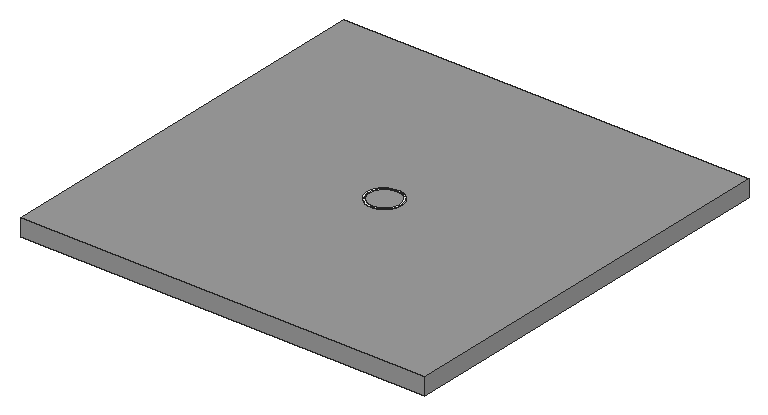
Revit family "Plumbing Fixture-FloorDrain_Mifab_C1470", category Plumbing Fixtures, host Face, Revit 2013
Parameters
  WFU = 0
  URL = "WWW.MIFAB.COM"
  Strainer Radius = Stainer Diameter / 2  # 4.0775"
  Stainer Diameter = 8.15499"
  Pipe Size = 6.299"
  Pipe Radius = Pipe Size / 2  # 3.1495"
  Model = "C1470"
  Manufacturer = "MIFAB"
  Floor Drain Material = Paint - Sherwin Williams Paint - #952C2A - Bellwood Red
  Description = "CAST IRON STACK CLEANOUT WITH TEST PLUG"
  Default Elevation = 0.000"
Reference planes (in)
  plane 1 "Center (Front/Back)": y = 0
  plane 2: z = 0
  plane 3 "Center (Left/Right)": x = 0
  plane 4: x = 4.0775
  plane 5: x = -4.0775
  plane 6: x = -3.14972
  plane 7: x = 3.14928
Forms (in)
  Extrusion 1, solid, material "Default"
    sketch origin (0, 0, 0) x (1, 0, 0) y (0, 1, 0)
      loop
        line (-48, 48) -> (-48, -48) -> (48, -48) -> (48, 48) -> (-48, 48)
    from 0 to -4
  Revolve 2, solid, material "Paint - Sherwin Williams Paint - #952C2A - Bellwood Red" <- "Floor Drain Material"
    sketch origin (0, 0, 0) x (1, 0, 0) y (0, 0, 1)
      loop
        line (-3.14972, -17) -> (-2.9135, -17) -> (-2.9135, -10.88279)
        arc (-2.9135, -10.88279) -> (-3.7638, -8.5) -> (-2.9135, -6.11721) r 3.7638
        line (-2.9135, -6.11721) -> (-2.9135, -5.21705) -> (-2.77164, -5.21705) -> (-2.82661, -5.18055) -> (-2.76735, -5.14847) -> (-2.82215, -5.10926) -> (-2.76289, -5.07718) -> (-2.81769, -5.03797) -> (-2.75843, -5.00589) -> (-2.81323, -4.96668) -> (-2.75397, -4.9346) -> (-2.80877, -4.89539) -> (-2.74951, -4.86331) -> (-2.80431, -4.8241) -> (-2.74505, -4.79202) -> (-2.80202, -4.75125) -> (-2.74059, -4.72073) -> (-2.79539, -4.68151) -> (-2.73613, -4.64944) -> (-2.79093, -4.61022) -> (-2.73167, -4.57814) -> (-2.78647, -4.53893) -> (-2.72721, -4.50685) -> (-2.78201, -4.46764) -> (-2.72275, -4.43556) -> (-2.77508, -4.39799) -> (-2.9135, -4.39799) -> (-2.9135, -3.2628) -> (-3.408, -3.2628)
        arc (-3.408, -3.2628) -> (-3.5473, -3.2051) -> (-3.605, -3.0658) r 0.197
        line (-3.605, -3.0658) -> (-3.605, -0.591) -> (-3.762, -0.591) -> (-3.762, -0.158) -> (-3.605, -0.158) -> (-3.605, 0) -> (-4.0775, 0) -> (-4.0775, -0.867) -> (-3.8805, -0.867) -> (-3.8805, -3.302)
        arc (-3.8805, -3.302) -> (-3.8228, -3.4413) -> (-3.6835, -3.499) r 0.197
        line (-3.6835, -3.499) -> (-3.14972, -3.499) -> (-3.14972, -6.03439)
        arc (-3.14972, -6.03439) -> (-4, -8.5) -> (-3.14972, -10.96561) r 4
        line (-3.14972, -10.96561) -> (-3.14972, -17)
      axis (0, 0) -> (0, -17)
    angle from 0 to 360
  Revolve 3, void
    sketch origin (0, 0, 0) x (1, 0, 0) y (0, 0, 1)
      loop
        line (3.995, -5.23802) -> (3.9585, -5.18305) -> (3.92642, -5.24231) -> (3.88721, -5.18751) -> (3.85513, -5.24677) -> (3.81592, -5.19197) -> (3.78384, -5.25124) -> (3.74463, -5.19643) -> (3.71255, -5.2557) -> (3.67333, -5.20089) -> (3.64126, -5.26016) -> (3.60204, -5.20535) -> (3.56997, -5.26462) -> (3.5292, -5.20764) -> (3.49867, -5.26908) -> (3.45946, -5.21427) -> (3.42738, -5.27354) -> (3.38817, -5.21873) -> (3.35609, -5.278) -> (3.31688, -5.22319) -> (3.2848, -5.28246) -> (3.24559, -5.22765) -> (3.21351, -5.28692) -> (3.1743, -5.23211) -> (3.14222, -5.29138) -> (3.10145, -5.2344) -> (3.06972, -5.29828) -> (3.03021, -5.23877) -> (2.99842, -5.30274) -> (2.95892, -5.24323) -> (2.93734, -5.28666) -> (0, -5.28666) -> (0, -8.5) -> (4.44922, -8.5) -> (4.44922, -5.23802) -> (3.995, -5.23802)
      axis (0, -8.5) -> (4.44922, -8.5)
    angle from 0 to 360
  Revolve 4, solid, material "Paint - Sherwin Williams Paint - #952C2A - Bellwood Red" <- "Floor Drain Material"
    sketch origin (0, 0, 0) x (1, 0, 0) y (0, 0, 1)
      loop
        line (3.91579, -4.80978) -> (0, -4.80978) -> (0, -5.28666) -> (2.93734, -5.28666) -> (2.95892, -5.24323) -> (2.99842, -5.30274) -> (3.03021, -5.23877) -> (3.06972, -5.29828) -> (3.10145, -5.2344) -> (3.14222, -5.29138) -> (3.1743, -5.23211) -> (3.21351, -5.28692) -> (3.24559, -5.22765) -> (3.2848, -5.28246) -> (3.31688, -5.22319) -> (3.35609, -5.278) -> (3.38817, -5.21873) -> (3.42738, -5.27354) -> (3.45946, -5.21427) -> (3.49867, -5.26908) -> (3.5292, -5.20764) -> (3.56997, -5.26462) -> (3.60204, -5.20535) -> (3.64126, -5.26016) -> (3.67333, -5.20089) -> (3.71255, -5.2557) -> (3.74463, -5.19643) -> (3.78384, -5.25124) -> (3.81592, -5.19197) -> (3.85513, -5.24677) -> (3.88721, -5.18751) -> (3.92642, -5.24231) -> (3.9585, -5.18305) -> (3.995, -5.23802) -> (3.91579, -4.80978)
      axis (3.995, -8.5) -> (0, -8.5)
    angle from 0 to 360
  Revolve 5, void
    sketch origin (0, 0, 0) x (1, 0, 0) y (0, 0, 1)
      loop
        line (-2.9135, -17) -> (0, -17) -> (0, 0) -> (-3.605, 0) -> (-3.605, -0.158) -> (-3.762, -0.158) -> (-3.762, -0.591) -> (-3.605, -0.591) -> (-3.605, -3.0658)
        arc (-3.605, -3.0658) -> (-3.5473, -3.2051) -> (-3.408, -3.2628) r 0.197
        line (-3.408, -3.2628) -> (-2.9135, -3.2628) -> (-2.9135, -4.39799) -> (-2.77508, -4.39799) -> (-2.72275, -4.43556) -> (-2.78201, -4.46764) -> (-2.72721, -4.50685) -> (-2.78647, -4.53893) -> (-2.73167, -4.57814) -> (-2.79093, -4.61022) -> (-2.73613, -4.64944) -> (-2.79539, -4.68151) -> (-2.74059, -4.72073) -> (-2.80202, -4.75125) -> (-2.74505, -4.79202) -> (-2.80431, -4.8241) -> (-2.74951, -4.86331) -> (-2.80877, -4.89539) -> (-2.75397, -4.9346) -> (-2.81323, -4.96668) -> (-2.75843, -5.00589) -> (-2.81769, -5.03797) -> (-2.76289, -5.07718) -> (-2.82215, -5.10926) -> (-2.76735, -5.14847) -> (-2.82661, -5.18055) -> (-2.77164, -5.21705) -> (-2.9135, -5.21705) -> (-2.9135, -6.11721)
        arc (-2.9135, -6.11721) -> (-3.7638, -8.5) -> (-2.9135, -10.88279) r 3.7638
        line (-2.9135, -10.88279) -> (-2.9135, -17)
      axis (0, 0) -> (0, -17)
    angle from 0 to 360
  Revolve 6, solid, material "Paint - Sherwin Williams Paint - #952C2A - Bellwood Red" <- "Floor Drain Material"
    sketch origin (0, 0, 0) x (1, 0, 0) y (0, 0, 1)
      loop
        line (3.53058, -5.34417) -> (3.90459, -5.34417) -> (3.90459, -8.5) -> (4.00302, -8.5) -> (4.00302, -5.28511) -> (3.98975, -5.23562) -> (3.9582, -5.18809) -> (3.92612, -5.24735) -> (3.88691, -5.19255) -> (3.85483, -5.25181) -> (3.81562, -5.19701) -> (3.78354, -5.25627) -> (3.74433, -5.20147) -> (3.71225, -5.26073) -> (3.67304, -5.20593) -> (3.64096, -5.26519) -> (3.60174, -5.21039) -> (3.56967, -5.26965) -> (3.53058, -5.3031) -> (3.53058, -5.34417)
      axis (4.00302, -8.5) -> (3.53058, -8.5)
    angle from 0 to 360
  Extrusion 7, solid, material "Paint - Sherwin Williams Paint - #952C2A - Bellwood Red" <- "Floor Drain Material"
    sketch origin (4.00302, 0, -8.5) x (0, 1, 0) y (0, 0, 1)
      loop
        line (-0.69, 0.69) -> (-0.69, -0.69) -> (0.69, -0.69) -> (0.69, 0.69) -> (-0.69, 0.69)
    from 0 to -0.47
  Extrusion 8, void
    sketch origin (4.00302, 0, -8.5) x (0, 1, 0) y (0, 0, 1)
      loop
        line (-0.59, 0.59) -> (-0.59, -0.59) -> (0.59, -0.59) -> (0.59, 0.59) -> (-0.59, 0.59)
    from 0 to -0.37
  Revolve 9, solid, material "Paint - Sherwin Williams Paint - #952C2A - Bellwood Red" <- "Floor Drain Material"
    sketch origin (0, 0, 0) x (1, 0, 0) y (0, 0, 1)
      loop
        arc (3.32644, -8.23032) -> (3.13575, -8.3093) -> (3.05676, -8.5) r 0.26968
        line (3.05676, -8.5) -> (3.5292, -8.5) -> (3.5292, -8.17126)
        arc (3.5292, -8.17126) -> (3.5119, -8.21302) -> (3.47014, -8.23032) r 0.05906
        line (3.47014, -8.23032) -> (3.32644, -8.23032)
      axis (3.05676, -8.5) -> (3.5292, -8.5)
    angle from 0 to 360
  Extrusion 10, solid, material "Paint - Sherwin Williams Paint - #952C2A - Bellwood Red" <- "Floor Drain Material"
    sketch origin (4.00302, 0, -8.5) x (0, 1, 0) y (0, 0, 1)
      loop
        line (-0.815, 5.001) -> (-0.815, 3.49411) -> (0.815, 3.49411) -> (0.815, 5.001) -> (-0.815, 5.001)
    from -0.53 to -1.09
  Revolve 11, void
    sketch origin (0, 0, 0) x (1, 0, 0) y (0, 0, 1)
      loop
        line (2.9118, -3.60201) -> (2.9118, -4) -> (3.47302, -4) -> (3.47302, -3.55418) -> (3.44017, -3.61498) -> (3.40245, -3.56227) -> (3.3716, -3.61927) -> (3.33083, -3.5623) -> (3.30031, -3.62373) -> (3.25954, -3.56676) -> (3.22902, -3.62819) -> (3.18825, -3.57122) -> (3.15773, -3.63265) -> (3.11696, -3.57568) -> (3.08643, -3.63711) -> (3.04722, -3.58231) -> (3.01514, -3.64157) -> (2.97438, -3.5846) -> (2.94264, -3.64847) -> (2.9118, -3.60201)
      axis (2.9118, -4) -> (3.47302, -4)
    angle from 0 to 360
  Revolve 12, solid, material "Paint - Sherwin Williams Paint - #952C2A - Bellwood Red" <- "Floor Drain Material"
    sketch origin (0, 0, 0) x (1, 0, 0) y (0, 0, 1)
      loop
        line (3.47302, -3.59551) -> (3.44104, -3.6184) -> (3.40332, -3.56568) -> (3.37247, -3.62269) -> (3.3317, -3.56571) -> (3.30118, -3.62715) -> (3.26041, -3.57017) -> (3.22988, -3.63161) -> (3.18912, -3.57463) -> (3.15859, -3.63607) -> (3.11782, -3.57909) -> (3.0873, -3.64053) -> (3.04809, -3.58572) -> (3.01601, -3.64499) -> (2.97524, -3.58801) -> (2.94455, -3.64979) -> (2.91283, -3.60201) -> (2.91283, -4) -> (3.17302, -4) -> (3.17302, -3.8) -> (3.47302, -3.8) -> (3.47302, -3.59551)
      axis (2.91283, -4) -> (3.47302, -4)
    angle from 0 to 360
Cuts and joins
  Revolve 3 cuts Revolve 2
  Revolve 5 cuts Revolve 4
  joined: Revolve 2, Revolve 4
  Extrusion 8 cuts Revolve 6
  Extrusion 8 cuts Extrusion 7
  joined: Revolve 6, Extrusion 7
  Revolve 11 cuts Extrusion 10
Lines and regions (in)
  symbolic lines
    curve 1: circle (0, 0, 0) r 4.0775 normal (0, 0, 1)
Dimensions and locks (in)
  locked: Extrusion 7 sketch curve to Extrusion 7 sketch curve at 1.38  (x2)
  equal spacing: Extrusion 7 sketch curve, plane 1 "Center (Front/Back)", Extrusion 7 sketch curve
  Extrusion 1 to Extrusion 7 sketch curve = 9.190"
  locked: Extrusion 8 sketch curve to Extrusion 8 sketch curve at 1.18  (x2)
  equal spacing: Extrusion 8 sketch curve, plane 1 "Center (Front/Back)", Extrusion 8 sketch curve
  Extrusion 1 to Extrusion 8 sketch curve = 9.090"
  locked: Extrusion 10 sketch curve to Extrusion 10 sketch curve at 1.63
  equal spacing: Extrusion 10 sketch curve, plane 1 "Center (Front/Back)", Extrusion 10 sketch curve
  "Stainer Diameter": plane 4 to plane 5
  equal spacing: plane 4, plane 3 "Center (Left/Right)", plane 5
  "Pipe Size": plane 6 to plane 7
  plane 6 to plane 3 "Center (Left/Right)" to plane 7 = 3.14972", 3.14928"
  "Strainer Radius": radius of curve 1
  aligned and locked: plane 2 to Extrusion 1
  aligned and locked: level to Extrusion 1
  aligned and locked: plane 1 "Center (Front/Back)" to curve 1
  aligned and locked: plane 3 "Center (Left/Right)" to curve 1
  aligned and locked: Revolve 2 sketch curve to plane 3 "Center (Left/Right)"
  aligned and locked: Revolve 3 sketch curve to Revolve 3 sketch curve
  aligned and locked: plane 3 "Center (Left/Right)" to Revolve 4 sketch curve
  aligned and locked: Revolve 5 sketch curve to Revolve 5 sketch curve
  aligned and locked: Revolve 11 sketch curve to Revolve 11 sketch curve
  aligned and locked: plane 4 to cut or joined group of Revolve 2, Revolve 3, Revolve 4, Revolve 5
  aligned and locked: plane 5 to cut or joined group of Revolve 2, Revolve 3, Revolve 4, Revolve 5
  aligned and locked: plane 6 to cut or joined group of Revolve 2, Revolve 3, Revolve 4, Revolve 5
  aligned and locked: Revolve 2 sketch curve to plane 6
Automatic sketch dimensions
  Extrusion 1 sketch curve to Extrusion 1 sketch curve = 96.000"  (x2)
  Revolve 3 sketch curve to plane 3 "Center (Left/Right)" = 0.000"  (x2)
  plane 3 "Center (Left/Right)" to Revolve 3 sketch curve = 2.93734"
  Revolve 3 sketch curve to Revolve 3 sketch curve = 0.02158"
  Revolve 3 sketch curve to Revolve 3 sketch curve = 0.06109"
  Revolve 3 sketch curve to Revolve 3 sketch curve = 0.07129"
  Revolve 3 sketch curve to Revolve 3 sketch curve = 0.03951"
  Revolve 3 sketch curve to Revolve 3 sketch curve = 0.03173"
  Revolve 3 sketch curve to Revolve 3 sketch curve = 0.04077"  (x2)
  Revolve 3 sketch curve to Revolve 3 sketch curve = 0.03208"  (x11)
  Revolve 3 sketch curve to Revolve 3 sketch curve = 0.03921"  (x10)
  Revolve 3 sketch curve to Revolve 3 sketch curve = 0.03052"
  Revolve 3 sketch curve to Revolve 3 sketch curve = 0.0365"
  Revolve 3 sketch curve to Revolve 3 sketch curve = 0.45422"
  Revolve 3 sketch curve to Revolve 3 sketch curve = 1.21236"
  Revolve 3 sketch curve to Revolve 3 sketch curve = 0.00446"  (x12)
  Revolve 3 sketch curve to Revolve 3 sketch curve = 0.0069"
  Revolve 3 sketch curve to Revolve 3 sketch curve = 0.01608"
  Revolve 3 sketch curve to Revolve 3 sketch curve = 0.04343"
  Revolve 3 sketch curve to Revolve 3 sketch curve = 0.05951"
  Revolve 3 sketch curve to Revolve 3 sketch curve = 0.00429"
  Revolve 3 sketch curve to Revolve 3 sketch curve = 0.05697"
  Revolve 3 sketch curve to Revolve 3 sketch curve = 0.0548"  (x8)
  Revolve 3 sketch curve to Revolve 3 sketch curve = 0.05926"  (x2)
  Revolve 3 sketch curve to Revolve 3 sketch curve = 0.06143"
  Revolve 3 sketch curve to Revolve 3 sketch curve = 0.05497"
  plane 3 "Center (Left/Right)" to Revolve 4 sketch curve = 2.93734"
  Revolve 4 sketch curve to plane 3 "Center (Left/Right)" = 0.000"
  Revolve 4 sketch curve to Revolve 4 sketch curve = 0.02158"
  Revolve 4 sketch curve to Revolve 4 sketch curve = 0.06109"
  Revolve 4 sketch curve to Revolve 4 sketch curve = 0.07129"
  Revolve 4 sketch curve to Revolve 4 sketch curve = 0.03951"
  Revolve 4 sketch curve to Revolve 4 sketch curve = 0.03173"
  Revolve 4 sketch curve to Revolve 4 sketch curve = 0.04077"  (x2)
  Revolve 4 sketch curve to Revolve 4 sketch curve = 0.03208"  (x11)
  Revolve 4 sketch curve to Revolve 4 sketch curve = 0.03921"  (x10)
  Revolve 4 sketch curve to Revolve 4 sketch curve = 0.03052"
  Revolve 4 sketch curve to Revolve 4 sketch curve = 0.02858"
  Revolve 4 sketch curve to Revolve 4 sketch curve = 0.0365"
  plane 3 "Center (Left/Right)" to Revolve 4 sketch curve = 2.38211"
  Revolve 4 sketch curve to Revolve 4 sketch curve = 0.00446"  (x12)
  Revolve 4 sketch curve to Revolve 4 sketch curve = 0.0069"
  Revolve 4 sketch curve to Revolve 4 sketch curve = 0.01608"
  Revolve 4 sketch curve to Revolve 4 sketch curve = 0.04343"
  Revolve 4 sketch curve to Revolve 4 sketch curve = 0.05951"
  Revolve 4 sketch curve to Revolve 4 sketch curve = 0.00429"
  Revolve 4 sketch curve to Revolve 4 sketch curve = 0.05697"
  Revolve 4 sketch curve to Revolve 4 sketch curve = 0.0548"  (x8)
  Revolve 4 sketch curve to Revolve 4 sketch curve = 0.05926"  (x2)
  Revolve 4 sketch curve to Revolve 4 sketch curve = 0.06143"
  Revolve 4 sketch curve to Revolve 4 sketch curve = 0.05497"
  Revolve 4 sketch curve to Revolve 4 sketch curve = 0.47688"
  Revolve 4 sketch curve to Revolve 4 sketch curve = 3.21334"
  Revolve 5 sketch curve to plane 3 "Center (Left/Right)" = 0.000"  (x2)
  Revolve 5 sketch curve to level = 0.000"  (x2)
  Revolve 5 sketch curve to plane 3 "Center (Left/Right)" = 2.72275"
  Revolve 5 sketch curve to Revolve 5 sketch curve = 0.00446"  (x10)
  Revolve 5 sketch curve to Revolve 5 sketch curve = 0.00429"
  Revolve 5 sketch curve to Revolve 5 sketch curve = 0.05233"
  Revolve 5 sketch curve to Revolve 5 sketch curve = 0.0548"  (x3)
  Revolve 5 sketch curve to Revolve 5 sketch curve = 0.05926"  (x6)
  Revolve 5 sketch curve to Revolve 5 sketch curve = 0.06143"
  Revolve 5 sketch curve to Revolve 5 sketch curve = 0.05497"
  Revolve 5 sketch curve to Revolve 5 sketch curve = 0.13843"
  Revolve 5 sketch curve to plane 3 "Center (Left/Right)" = 2.9135"
  Revolve 5 sketch curve to Revolve 5 sketch curve = 0.14187"
  Revolve 5 sketch curve to Revolve 5 sketch curve = 0.4945"
  Revolve 5 sketch curve to Revolve 5 sketch curve = 0.197"
  Revolve 5 sketch curve to Revolve 5 sketch curve = 0.000"
  Revolve 5 sketch curve to Revolve 5 sketch curve = 0.157"
  Revolve 5 sketch curve to Revolve 5 sketch curve = 6.11721"
  Revolve 5 sketch curve to Revolve 5 sketch curve = 0.90016"
  Revolve 5 sketch curve to Revolve 5 sketch curve = 0.0365"
  Revolve 5 sketch curve to Revolve 5 sketch curve = 0.03208"  (x10)
  Revolve 5 sketch curve to Revolve 5 sketch curve = 0.03921"  (x9)
  Revolve 5 sketch curve to Revolve 5 sketch curve = 0.04077"
  Revolve 5 sketch curve to Revolve 5 sketch curve = 0.03052"
  Revolve 5 sketch curve to Revolve 5 sketch curve = 0.03757"
  Revolve 5 sketch curve to level = 0.591"
  Revolve 5 sketch curve to level = 0.158"
  Revolve 5 sketch curve to Revolve 5 sketch curve = 1.000"
  plane 3 "Center (Left/Right)" to Revolve 6 sketch curve = 3.53058"
  Revolve 6 sketch curve to Revolve 6 sketch curve = 0.03909"
  Revolve 6 sketch curve to Revolve 6 sketch curve = 0.03208"  (x6)
  Revolve 6 sketch curve to Revolve 6 sketch curve = 0.03921"  (x5)
  Revolve 6 sketch curve to Revolve 6 sketch curve = 0.04976"
  Revolve 6 sketch curve to Revolve 6 sketch curve = 0.03155"
  Revolve 6 sketch curve to Revolve 6 sketch curve = 0.01326"
  plane 3 "Center (Left/Right)" to Revolve 6 sketch curve = 1.25302"
  Revolve 6 sketch curve to Revolve 6 sketch curve = 0.000"  (x2)
  Revolve 6 sketch curve to Revolve 6 sketch curve = 0.04107"
  Revolve 6 sketch curve to Revolve 6 sketch curve = 0.05906"
  Revolve 6 sketch curve to Revolve 6 sketch curve = 0.03345"
  Revolve 6 sketch curve to Revolve 6 sketch curve = 0.00446"  (x5)
  Revolve 6 sketch curve to Revolve 6 sketch curve = 0.0495"
  Revolve 6 sketch curve to Revolve 6 sketch curve = 0.0548"  (x3)
  Revolve 6 sketch curve to Revolve 6 sketch curve = 0.05926"  (x2)
  Revolve 6 sketch curve to Revolve 6 sketch curve = 0.04753"
  plane 3 "Center (Left/Right)" to Revolve 9 sketch curve = 3.05676"
  Revolve 9 sketch curve to Revolve 9 sketch curve = 0.26968"
  Revolve 9 sketch curve to Revolve 9 sketch curve = 0.1437"
  Revolve 9 sketch curve to Revolve 9 sketch curve = 0.000"  (x2)
  Revolve 9 sketch curve to Revolve 9 sketch curve = 0.05906"
  Revolve 9 sketch curve to Revolve 9 sketch curve = 1.52756"
  Extrusion 10 sketch curve to Extrusion 10 sketch curve = 1.50689"
  plane 3 "Center (Left/Right)" to Revolve 11 sketch curve = 2.9118"
  Revolve 11 sketch curve to Revolve 11 sketch curve = 0.03084"
  Revolve 11 sketch curve to Revolve 11 sketch curve = 0.06258"
  Revolve 11 sketch curve to Revolve 11 sketch curve = 0.04077"  (x5)
  Revolve 11 sketch curve to Revolve 11 sketch curve = 0.03208"
  Revolve 11 sketch curve to Revolve 11 sketch curve = 0.03921"
  Revolve 11 sketch curve to Revolve 11 sketch curve = 0.03052"  (x4)
  Revolve 11 sketch curve to Revolve 11 sketch curve = 0.03085"
  Revolve 11 sketch curve to Revolve 11 sketch curve = 0.03772"
  Revolve 11 sketch curve to Revolve 11 sketch curve = 0.03284"
  Revolve 11 sketch curve to Revolve 11 sketch curve = 0.000"
  Revolve 11 sketch curve to Revolve 11 sketch curve = 0.52219"
  Revolve 11 sketch curve to Revolve 11 sketch curve = 0.06081"
  plane 3 "Center (Left/Right)" to Revolve 12 sketch curve = 2.91283"
  Revolve 12 sketch curve to Revolve 12 sketch curve = 0.03172"
  Revolve 12 sketch curve to Revolve 12 sketch curve = 0.06241"
  Revolve 12 sketch curve to Revolve 12 sketch curve = 0.04077"  (x5)
  Revolve 12 sketch curve to Revolve 12 sketch curve = 0.03208"
  Revolve 12 sketch curve to Revolve 12 sketch curve = 0.03921"
  Revolve 12 sketch curve to Revolve 12 sketch curve = 0.03052"  (x4)
  Revolve 12 sketch curve to Revolve 12 sketch curve = 0.01442"
  Revolve 12 sketch curve to Revolve 12 sketch curve = 0.03085"
  Revolve 12 sketch curve to Revolve 12 sketch curve = 0.03772"
  Revolve 12 sketch curve to Revolve 12 sketch curve = 0.03198"
  Revolve 12 sketch curve to Revolve 12 sketch curve = 0.000"
  Revolve 12 sketch curve to Revolve 12 sketch curve = 0.18981"
  Revolve 12 sketch curve to Revolve 12 sketch curve = 0.16393"
  Revolve 12 sketch curve to Revolve 12 sketch curve = 0.04778"
  Revolve 12 sketch curve to Revolve 12 sketch curve = 0.200"  (x2)
  Revolve 3 sketch curve to level = 8.500"
  Revolve 3 sketch curve to Revolve 3 sketch curve = 3.19726"
  Revolve 4 sketch curve to level = 5.30274"
  Revolve 5 sketch curve to level = 17.000"
  Revolve 5 sketch curve to Revolve 5 sketch curve = 4.76558"
  Revolve 5 sketch curve to Revolve 5 sketch curve = 1.13519"
  Revolve 6 sketch curve to level = 8.500"
  Revolve 6 sketch curve to Revolve 6 sketch curve = 3.15583"
  Revolve 9 sketch curve to level = 8.500"
  Revolve 11 sketch curve to level = 4.000"
  Revolve 11 sketch curve to Revolve 11 sketch curve = 0.35153"
  Revolve 11 sketch curve to Revolve 11 sketch curve = 0.0069"
  Revolve 11 sketch curve to Revolve 11 sketch curve = 0.00446"  (x5)
  Revolve 11 sketch curve to Revolve 11 sketch curve = 0.00429"
  Revolve 11 sketch curve to Revolve 11 sketch curve = 0.04646"
  Revolve 11 sketch curve to Revolve 11 sketch curve = 0.01741"
  Revolve 11 sketch curve to Revolve 11 sketch curve = 0.0548"
  Revolve 11 sketch curve to Revolve 11 sketch curve = 0.06143"  (x4)
  Revolve 11 sketch curve to Revolve 11 sketch curve = 0.05271"
  Revolve 12 sketch curve to level = 4.000"
  Revolve 12 sketch curve to Revolve 12 sketch curve = 0.01372"
  Revolve 12 sketch curve to Revolve 12 sketch curve = 0.0048"
  Revolve 12 sketch curve to Revolve 12 sketch curve = 0.00446"  (x4)
  Revolve 12 sketch curve to Revolve 12 sketch curve = 0.00429"
  Revolve 12 sketch curve to Revolve 12 sketch curve = 0.02288"
  Revolve 12 sketch curve to Revolve 12 sketch curve = 0.014"
  Revolve 12 sketch curve to Revolve 12 sketch curve = 0.0548"
  Revolve 12 sketch curve to Revolve 12 sketch curve = 0.06143"  (x4)
  Revolve 2 sketch curve to Revolve 2 sketch curve = 0.000"  (x3)
  Revolve 2 sketch curve to level = 0.000"  (x2)
  Revolve 2 sketch curve to plane 5 = 0.000"
  plane 6 to Revolve 2 sketch curve = 0.000"
  Revolve 2 sketch curve to level = 17.000"
  Revolve 2 sketch curve to plane 3 "Center (Left/Right)" = 0.000"
  Revolve 2 sketch curve to Revolve 2 sketch curve = 0.197"  (x2)
  plane 5 to Revolve 2 sketch curve = 0.3155"
  Revolve 2 sketch curve to Revolve 2 sketch curve = 0.157"  (x2)
  plane 6 to Revolve 2 sketch curve = 0.25828"
  Revolve 2 sketch curve to Revolve 2 sketch curve = 0.23622"
  Revolve 2 sketch curve to plane 6 = 0.23622"  (x2)
  Revolve 2 sketch curve to Revolve 2 sketch curve = 0.08689"
  Revolve 2 sketch curve to Revolve 2 sketch curve = 0.00446"  (x8)
  Revolve 2 sketch curve to Revolve 2 sketch curve = 0.00229"
  Revolve 2 sketch curve to Revolve 2 sketch curve = 0.00663"
  Revolve 2 sketch curve to Revolve 2 sketch curve = 0.00693"
  Revolve 2 sketch curve to Revolve 2 sketch curve = 0.05497"
  Revolve 2 sketch curve to Revolve 2 sketch curve = 0.0548"  (x5)
  Revolve 2 sketch curve to Revolve 2 sketch curve = 0.05926"  (x5)
  Revolve 2 sketch curve to Revolve 2 sketch curve = 0.05233"
  Revolve 2 sketch curve to Revolve 2 sketch curve = 6.03439"
  Revolve 2 sketch curve to Revolve 2 sketch curve = 0.08282"
  Revolve 2 sketch curve to Revolve 2 sketch curve = 4.76558"
  Revolve 2 sketch curve to Revolve 2 sketch curve = 0.81734"
  Revolve 2 sketch curve to Revolve 2 sketch curve = 0.0365"
  Revolve 2 sketch curve to Revolve 2 sketch curve = 0.03208"  (x10)
  Revolve 2 sketch curve to Revolve 2 sketch curve = 0.03921"  (x9)
  Revolve 2 sketch curve to Revolve 2 sketch curve = 0.04077"
  Revolve 2 sketch curve to Revolve 2 sketch curve = 0.03052"
  Revolve 2 sketch curve to Revolve 2 sketch curve = 0.03757"
  Revolve 2 sketch curve to Revolve 2 sketch curve = 0.89899"
  Revolve 2 sketch curve to Revolve 2 sketch curve = 0.2362"
  Revolve 2 sketch curve to level = 0.867"
  Revolve 2 sketch curve to Revolve 2 sketch curve = 0.276"
  Revolve 2 sketch curve to level = 0.158"
  plane 1 "Center (Front/Back)" to curve 1 = 0.000"
  curve 1 to plane 3 "Center (Left/Right)" = 0.000"
Connectors (in)
  piping at (0, 0, -17), driven by "Pipe Radius"
    settings: on cut or joined group of Revolve 2, Revolve 3, Revolve 4, Revolve 5, index 1, connector radius 3.1495", flow factor 0, pipe flow 0 GPM, pressure drop 0.00 psi, fitting loss kfactor 0, connector angle 0.00°, fixture units 0, engagement length 0.000", flow configuration 0, flow direction 0, fitting loss method 0, system type 7, joint type 0, gender type 0, connector reference index -1, connector utility 0, adjustable connector no, is connector primary yes, fitting loss table "", connector description ""
